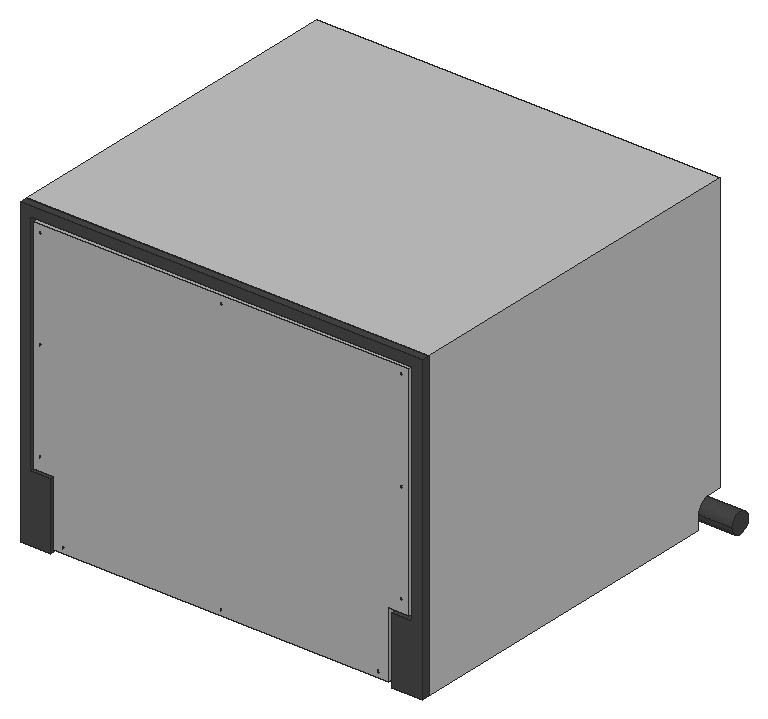
Revit family "FP-Revit20-DD60SHTI9_CN-DishDrawer-0-CN90003899A", category Specialty Equipment, Revit 2020
Family settings
  Round Connector Dimension = Use Diameter
  Part Type = Normal
  OmniClass Number = 23.40.40.14.31
  OmniClass Title = Cleaning and Disposal Equipment
  Work Plane-Based = No
  Always vertical = Yes
  Cut with Voids When Loaded = Yes
  Shared = No
  Room Calculation Point = No
Parameters (values of type "DD60SHTI9_CN")
  Visibility - Handle = no
  Visibility - Door Panel = no
  Visibility - Clearance Required = yes
  URL = "www.fisherpaykel.com"
  Product - Width = 599 mm  # constant formula
  Product - Height = 454 mm  # constant formula
  Product - Depth = 553 mm  # constant formula
  Model = "DD60SHTI9_CN"
  Material - Trim = Fisher & Paykel - Black
  Material - Door Structure = Fisher & Paykel - Aluminium
  Material - Door Front = Fisher & Paykel - Stainless Steel
  Material - Body = Fisher & Paykel - Grey
  Manufacturer = "Fisher & Paykel Appliances"
  FFL Offset [instance] = 406 mm
  Description = "Integrated Single DishDrawer"
  Default Elevation = 0 mm
  Connector Description - Water = "3/4“ BSP (GB20) to suit Flat Washer"
  Connector Description - Sanitary = "Drain Hose, No Fitting Required"
  Connector Description - Electrical = "230 V, 15 A, fused electrical supply"
  Cavity - Width = 600 mm  # constant formula
  Cavity - Height = 456 mm  # constant formula
  Cavity - Depth = 560 mm  # constant formula
Reference planes
  plane 1 "Datum": y = 0
  plane 2: z = 0
  plane 3 "Center (Left/Right)": x = 0
  plane 4: z = 0
  plane 5 "Product LHS": x = -299.5
  plane 6 "Product RHS": x = 299.5
  plane 7 "Product - Depth": y = 553
  plane 8 "Cavity LHS": x = -300
  plane 9 "Cavity RHS": x = 300
  plane 10 "Cavity - Depth": y = 560
  plane 11 "Product Height": z = 860
  plane 12 "Cavity - Height": z = 862
  plane 13 "FFL Offset": z = 406
  plane 14 "Door Front": y = -18
Forms (mm)
  Extrusion 1, solid, material "Fisher & Paykel - Grey" <- "Material - Body"
    sketch origin (0, 0, 0) x (0, 1, 0) y (0, 0, 1)
      loop
        line (12, 860) -> (12, 406) -> (513, 406) -> (513, 426)
        arc (513, 426) -> (518.858, 440.142) -> (533, 446) r 20
        line (533, 446) -> (553, 446) -> (553, 860) -> (12, 860)
    from -299.5 to 299.5
  Extrusion 2, solid, material "Fisher & Paykel - Aluminium" <- "Material - Door Structure", detail levels fine
    sketch origin (0, 0, 0) x (1, 0, 0) y (0, 0, 1)
      loop
        line (-279.5, 840) -> (-279.5, 511) -> (-249.5, 511) -> (-249.5, 412.713) -> (249.5, 412.713) -> (249.5, 511) -> (279.5, 511) -> (279.5, 840) -> (-279.5, 840)
      loop
        circle (-269.5, 680) r 1.502
      loop
        circle (-234.5, 421) r 1.5
      loop
        circle (-269.5, 530) r 1.5
      loop
        circle (-269.5, 830) r 1.5
      loop
        circle (0, 830) r 1.5
      loop
        circle (269.5, 680) r 1.502
      loop
        circle (269.5, 530) r 1.5
      loop
        circle (269.5, 830) r 1.5
      loop
        circle (0, 421) r 1.5
      loop
        circle (234.5, 421) r 1.5
    from -12 to 0
  Sweep 3, solid, material "Fisher & Paykel - Black", detail levels medium+fine
    path origin (0, 539.813, 406) x (1, 0, 0) y (0, 0, 1)
      loop
        line (-119.5, 75) -> (-119.5, 45.438)
        arc (-119.5, 45.438) -> (-125.358, 31.295) -> (-139.5, 25.437) r 20
        line (-139.5, 25.437) -> (-349.5, 25.437)
    profile origin (-119.5, 539.813, 466.219) x (0, -1, 0) y (1, 0, 0)
      loop
        circle (0, 0) r 9
  Extrusion 4, solid, material "Fisher & Paykel - Clearance Required", visible <- "Visibility - Clearance Required", detail levels coarse
    sketch origin (0, 0, 0) x (0, 1, 0) y (0, 0, 1)
      loop
        line (-18, 406) -> (-18, 860) -> (-545, 860) -> (-545, 820.3) -> (-587, 820.3) -> (-587, 804.3) -> (-545, 804.3) -> (-545, 406) -> (-18, 406)
    from -300 to 300
  Extrusion 5, solid, material "Fisher & Paykel - Clearance Required", visible <- "Visibility - Clearance Required", detail levels coarse
    sketch origin (0, 0, 0) x (1, 0, 0) y (0, 1, 0)
      loop
        line (300, 560) -> (-300, 560) -> (-300, 0) -> (300, 0) -> (300, 560)
    from 406 to 862
  Extrusion 6, solid, material "Fisher & Paykel - Black" <- "Material - Trim"
    sketch origin (0, 0, 0) x (1, 0, 0) y (0, 0, 1)
      loop
        line (-299.5, 860) -> (-299.5, 406) -> (-254.5, 406) -> (-254.5, 506) -> (-283.999, 506) -> (-283.999, 845) -> (284, 845) -> (284, 506) -> (254.5, 506) -> (254.5, 406) -> (299.5, 406) -> (299.5, 860) -> (-299.5, 860)
    from -12 to 0
  Sweep 7, solid, material "Fisher & Paykel - Black", detail levels medium+fine
    path origin (0, 0, 0) x (1, 0, 0) y (0, 1, 0)
      loop
        line (199.5, 513) -> (199.5, 514)
        arc (199.5, 514) -> (204.04, 524.96) -> (215, 529.5) r 15.5
        line (215, 529.5) -> (349.5, 529.5)
    profile origin (199.5, 513.5, 0) x (-1, 0, 0) y (0, 0, 1)
      loop
        circle (0, 427) r 15
  Sweep 8, solid, material "Fisher & Paykel - Black", detail levels medium+fine
    path origin (0, 0, 0) x (1, 0, 0) y (0, 1, 0)
      loop
        line (-33.982, 513) -> (-33.982, 516.982)
        arc (-33.982, 516.982) -> (-35.886, 521.579) -> (-40.482, 523.482) r 6.5
        line (-40.482, 523.482) -> (-349.5, 523.482)
    profile origin (-194.991, 523.482, 0) x (0, -1, 0) y (0, 0, 1)
      loop
        circle (0, 417.016) r 4
  Sweep 9, solid, material "Fisher & Paykel - Black", detail levels medium+fine
    path origin (0, 0, 0) x (1, 0, 0) y (0, 1, 0)
      loop
        line (-349.5, 522.999) -> (-215.482, 522.999)
        arc (-215.482, 522.999) -> (-211.239, 521.242) -> (-209.482, 516.999) r 6
        line (-209.482, 516.999) -> (-209.482, 513)
    profile origin (-209.482, 514.999, 0) x (1, 0, 0) y (0, 0, 1)
      loop
        circle (0, 426.938) r 5
  Extrusion 10, solid, material "Fisher & Paykel - Black", detail levels fine
    sketch origin (0, 0, 406) x (1, 0, 0) y (0, 0, 1)
      loop
        line (-27.5, 18) -> (-41.5, 18) -> (-41.5, 4) -> (-27.5, 4) -> (-27.5, 18)
    from -518 to -513
  Extrusion 11, void
    sketch origin (0, 0, 0) x (1, 0, 0) y (0, 1, 0)
      loop
        line (-300, 560) -> (-300, -18) -> (300, -18) -> (300, 560) -> (-300, 560)
    from 406 to 862
  Extrusion 12, solid, material "Fisher & Paykel - Stainless Steel" <- "Material - Door Front", visible <- "Visibility - Door Panel"
    sketch origin (0, 0, 0) x (1, 0, 0) y (0, 1, 0)
      loop
        line (297.5, 0) -> (-297.5, 0) -> (-297.5, -18) -> (297.5, -18) -> (297.5, 0)
    from 408 to 860
  Extrusion 13, void
    sketch origin (0, 0, 0) x (1, 0, 0) y (0, 0, 1)
      loop
        line (-9.5, 511) -> (-229.5, 511) -> (-229.5, 446) -> (-9.5, 446) -> (-9.5, 511)
    from -553 to -550
  Sweep 14, solid, material "Fisher & Paykel - Black", not visible, detail levels medium+fine
    path origin (0, 539.813, 1000) x (1, 0, 0) y (0, 0, 1)
      loop
        line (-119.5, 75) -> (-119.5, 45.438)
        arc (-119.5, 45.438) -> (-125.358, 31.295) -> (-139.5, 25.437) r 20
        line (-139.5, 25.437) -> (-349.5, 25.437)
    profile origin (-119.5, 539.813, 1060.219) x (0, -1, 0) y (1, 0, 0)
      loop
        circle (0, 0) r 9
  Sweep 15, solid, material "Fisher & Paykel - Black", not visible, detail levels medium+fine
    path origin (0, 0, 594) x (1, 0, 0) y (0, 1, 0)
      loop
        line (199.5, 513) -> (199.5, 514)
        arc (199.5, 514) -> (204.04, 524.96) -> (215, 529.5) r 15.5
        line (215, 529.5) -> (349.5, 529.5)
    profile origin (199.5, 513.5, 594) x (-1, 0, 0) y (0, 0, 1)
      loop
        circle (0, 427) r 15
  Sweep 16, solid, material "Fisher & Paykel - Black", not visible, detail levels medium+fine
    path origin (0, 0, 594) x (1, 0, 0) y (0, 1, 0)
      loop
        line (-33.982, 513) -> (-33.982, 516.982)
        arc (-33.982, 516.982) -> (-35.886, 521.579) -> (-40.482, 523.482) r 6.5
        line (-40.482, 523.482) -> (-349.5, 523.482)
    profile origin (-194.991, 523.482, 594) x (0, -1, 0) y (0, 0, 1)
      loop
        circle (0, 417.016) r 4
  Sweep 17, solid, material "Fisher & Paykel - Black", not visible, detail levels medium+fine
    path origin (0, 0, 594) x (1, 0, 0) y (0, 1, 0)
      loop
        line (-349.5, 522.999) -> (-215.482, 522.999)
        arc (-215.482, 522.999) -> (-211.239, 521.242) -> (-209.482, 516.999) r 6
        line (-209.482, 516.999) -> (-209.482, 513)
    profile origin (-209.482, 514.999, 594) x (1, 0, 0) y (0, 0, 1)
      loop
        circle (0, 426.938) r 5
  Extrusion 18, solid, material "Fisher & Paykel - Black", not visible, detail levels fine
    sketch origin (0, 0, 1000) x (1, 0, 0) y (0, 0, 1)
      loop
        line (-27.5, 18) -> (-41.5, 18) -> (-41.5, 4) -> (-27.5, 4) -> (-27.5, 18)
    from -518 to -513
Cuts and joins
  Extrusion 13 cuts Extrusion 2
  Extrusion 13 cuts Extrusion 4
  Extrusion 13 cuts Extrusion 12
  Extrusion 13 cuts Extrusion 1
Lines and regions (mm)
  model lines, style "Fisher & Paykel"
    curve 1: line (-297.5, 0, 860) -> (297.5, 0, 860)
    curve 2: line (-297.5, 0, 408) -> (-297.5, 0, 860)
    curve 3: line (297.5, 0, 408) -> (-297.5, 0, 408)
    curve 4: line (297.5, 0, 860) -> (297.5, 0, 408)
  model lines
    curve 5: line (-297.5, 0, 860) -> (297.5, 0, 860)
    curve 6: line (-297.5, 0, 408) -> (-297.5, 0, 860)
    curve 7: line (297.5, 0, 408) -> (-297.5, 0, 408)
    curve 8: line (297.5, 0, 860) -> (297.5, 0, 408)
  model lines, style "Fisher & Paykel", not visible
    curve 9: line (297.5, 0, 1002) -> (-297.5, 0, 1002)
  model lines, not visible
    curve 10: line (297.5, 0, 1002) -> (-297.5, 0, 1002)
Text (mm)
  text "Due to ongoing product development, product details are subject to change without notice. \nPlease always refer to www.fisherpaykel.com for the most current product information. \n© Fisher & Paykel 2020" at (41.04, -647.69, 0), in view "Ref. Level (Plan)"
Dimensions and locks
  equal spacing: plane 5 "Product LHS", plane 3 "Center (Left/Right)", plane 6 "Product RHS"
  "Product - Width": plane 5 "Product LHS" to plane 6 "Product RHS"
  "Product - Depth": plane 1 "Datum" to plane 7 "Product - Depth"
  equal spacing: plane 8 "Cavity LHS", plane 3 "Center (Left/Right)", plane 9 "Cavity RHS"
  "Cavity - Width": plane 8 "Cavity LHS" to plane 9 "Cavity RHS"
  "Cavity - Depth": plane 10 "Cavity - Depth" to plane 1 "Datum"
  "FFL Offset": plane 13 "FFL Offset" to level
  "Product - Height": plane 11 "Product Height" to plane 13 "FFL Offset"
  "Cavity - Height": plane 13 "FFL Offset" to plane 12 "Cavity - Height"
  locked: plane 11 "Product Height" to nested 1 at 39.7
  locked: plane 13 "FFL Offset" to cut or joined group of Extrusion 12, Extrusion 13 at 2
  locked: Extrusion 2 sketch curve to plane 13 "FFL Offset" at 6.713
  locked: cut or joined group of Extrusion 1, Extrusion 13 to Extrusion 13 sketch curve at 65
  locked: cut or joined group of Extrusion 12, Extrusion 13 to plane 13 "FFL Offset" at 2
  locked: plane 13 "FFL Offset" to Sweep 3 at 75
  locked: Extrusion 1 sketch curve to plane 13 "FFL Offset" at 40
  aligned and locked: level to plane 2
  aligned and locked: Extrusion 5 sketch curve to plane 8 "Cavity LHS"
  aligned and locked: plane 1 "Datum" to Extrusion 5 sketch curve
  aligned and locked: Extrusion 5 sketch curve to plane 9 "Cavity RHS"
  aligned and locked: Extrusion 4 to plane 13 "FFL Offset"
  aligned and locked: cut or joined group of Extrusion 4, Extrusion 13 to Extrusion 5
  aligned and locked: Extrusion 5 to plane 12 "Cavity - Height"
  aligned and locked: Extrusion 5 to Extrusion 1
  aligned and locked: plane 11 "Product Height" to Extrusion 1
  aligned and locked: Extrusion 6 sketch curve to plane 13 "FFL Offset"
  aligned and locked: Extrusion 6 sketch curve to Extrusion 6 sketch curve
  aligned and locked: plane 11 "Product Height" to Extrusion 12
  aligned and locked: cut or joined group of Extrusion 1, Extrusion 13 to Extrusion 13 sketch curve
  aligned and locked: Extrusion 2 sketch curve to Extrusion 2 sketch curve
  aligned and locked: Extrusion 11 to Extrusion 5  (x2)
Automatic sketch dimensions
  Sweep 3 sketch curve to profile plane = 0 mm
  profile plane to Sweep 3 sketch curve = 0 mm
  Sweep 3 sketch curve to Sweep 3 sketch curve = 20 mm
  Sweep 3 sketch curve to Sweep 3 sketch curve = 29.562 mm
  Sweep 7 sketch curve to profile plane = 0 mm
  Sweep 7 sketch curve to Sweep 7 sketch curve = 15.5 mm
  Sweep 7 sketch curve to Sweep 7 sketch curve = 1 mm
  Sweep 8 sketch curve to Sweep 8 sketch curve = 3.982 mm
  Sweep 8 sketch curve to Sweep 8 sketch curve = 6.5 mm
  Sweep 8 sketch curve to profile plane = 0 mm
  Sweep 9 sketch curve to Sweep 9 sketch curve = 6 mm
  Sweep 9 sketch curve to Sweep 9 sketch curve = 3.999 mm
  profile plane to Sweep 9 sketch curve = 0 mm
  Extrusion 10 sketch curve to Extrusion 10 sketch curve = 14 mm  (x2)
  Extrusion 5 sketch curve to plane 10 "Cavity - Depth" = 0 mm
  plane 1 "Datum" to Extrusion 11 sketch curve = 18 mm
  Extrusion 11 sketch curve to plane 8 "Cavity LHS" = 0 mm
  Extrusion 11 sketch curve to plane 9 "Cavity RHS" = 0 mm
  Extrusion 11 sketch curve to plane 10 "Cavity - Depth" = 0 mm
  plane 1 "Datum" to Extrusion 12 sketch curve = 0 mm
  plane 9 "Cavity RHS" to Extrusion 12 sketch curve = 597.5 mm
  plane 1 "Datum" to Extrusion 12 sketch curve = 18 mm
  Extrusion 12 sketch curve to Extrusion 12 sketch curve = 595 mm
  Extrusion 4 sketch curve to plane 11 "Product Height" = 0 mm
  level to Extrusion 4 sketch curve = 406 mm
  plane 1 "Datum" to Extrusion 4 sketch curve = 587 mm
  Extrusion 4 sketch curve to Extrusion 4 sketch curve = 42 mm  (x2)
  plane 1 "Datum" to Extrusion 4 sketch curve = 18 mm
  Extrusion 4 sketch curve to Extrusion 4 sketch curve = 16 mm
  Extrusion 4 sketch curve to Extrusion 4 sketch curve = 55.7 mm
  plane 11 "Product Height" to Extrusion 1 sketch curve = 0 mm
  Extrusion 1 sketch curve to plane 7 "Product - Depth" = 0 mm
  Extrusion 1 sketch curve to Extrusion 1 sketch curve = 20 mm  (x2)
  Extrusion 1 sketch curve to plane 1 "Datum" = 12 mm
  curve 6 to plane 11 "Product Height" = 0 mm
  curve 1 to plane 5 "Product LHS" = 2 mm
  plane 6 "Product RHS" to curve 5 = 2 mm
  Extrusion 1 sketch curve to plane 13 "FFL Offset" = 0 mm
  plane 5 "Product LHS" to Extrusion 6 sketch curve = 0 mm
  plane 6 "Product RHS" to Extrusion 6 sketch curve = 0 mm
  Extrusion 6 sketch curve to plane 5 "Product LHS" = 15.501 mm
  Extrusion 6 sketch curve to Extrusion 6 sketch curve = 29.499 mm
  plane 6 "Product RHS" to Extrusion 6 sketch curve = 45 mm
  plane 6 "Product RHS" to Extrusion 6 sketch curve = 15.5 mm
  plane 13 "FFL Offset" to Extrusion 6 sketch curve = 100 mm  (x2)
  Extrusion 6 sketch curve to plane 11 "Product Height" = 15 mm
  plane 11 "Product Height" to Extrusion 6 sketch curve = 0 mm
  Extrusion 13 sketch curve to plane 5 "Product LHS" = 70 mm
  Extrusion 13 sketch curve to plane 3 "Center (Left/Right)" = 9.5 mm
  plane 13 "FFL Offset" to curve 6 = 2 mm
  plane 13 "FFL Offset" to curve 4 = 2 mm
  Sweep 3 sketch curve to Sweep 3 sketch curve = 210 mm
  Sweep 7 sketch curve to Sweep 7 sketch curve = 134.5 mm
  profile plane to Sweep 7 sketch curve = 427 mm
  Sweep 8 sketch curve to Sweep 8 sketch curve = 309.018 mm
  profile plane to Sweep 8 sketch curve = 417.016 mm
  Sweep 9 sketch curve to Sweep 9 sketch curve = 134.018 mm
  profile plane to Sweep 9 sketch curve = 426.938 mm
  Sweep 14 sketch curve to profile plane = 0 mm
  profile plane to Sweep 14 sketch curve = 0 mm
  Sweep 14 sketch curve to Sweep 14 sketch curve = 20 mm
  Sweep 14 sketch curve to Sweep 14 sketch curve = 29.562 mm
  Sweep 15 sketch curve to profile plane = 0 mm
  Sweep 15 sketch curve to Sweep 15 sketch curve = 15.5 mm
  Sweep 15 sketch curve to Sweep 15 sketch curve = 1 mm
  Sweep 16 sketch curve to Sweep 16 sketch curve = 3.982 mm
  Sweep 16 sketch curve to Sweep 16 sketch curve = 6.5 mm
  Sweep 16 sketch curve to profile plane = 0 mm
  Sweep 17 sketch curve to Sweep 17 sketch curve = 6 mm
  Sweep 17 sketch curve to Sweep 17 sketch curve = 3.999 mm
  profile plane to Sweep 17 sketch curve = 0 mm
  Extrusion 18 sketch curve to Extrusion 18 sketch curve = 14 mm  (x2)
  Sweep 14 sketch curve to Sweep 14 sketch curve = 210 mm
  Sweep 15 sketch curve to Sweep 15 sketch curve = 134.5 mm
  profile plane to Sweep 15 sketch curve = 427 mm
  Sweep 16 sketch curve to Sweep 16 sketch curve = 309.018 mm
  profile plane to Sweep 16 sketch curve = 417.016 mm
  Sweep 17 sketch curve to Sweep 17 sketch curve = 134.018 mm
  profile plane to Sweep 17 sketch curve = 426.938 mm
  Extrusion 2 sketch curve to plane 3 "Center (Left/Right)" = 0 mm  (x2)
  plane 13 "FFL Offset" to Extrusion 2 sketch curve = 15 mm  (x3)
  Extrusion 2 sketch curve to plane 5 "Product LHS" = 65 mm
  Extrusion 2 sketch curve to Extrusion 2 sketch curve = 15 mm
  Extrusion 2 sketch curve to plane 5 "Product LHS" = 30 mm  (x2)
  Extrusion 2 sketch curve to Extrusion 2 sketch curve = 20 mm  (x2)
  Extrusion 2 sketch curve to plane 5 "Product LHS" = 20 mm
  plane 6 "Product RHS" to Extrusion 2 sketch curve = 65 mm
  plane 6 "Product RHS" to Extrusion 2 sketch curve = 50 mm
  plane 6 "Product RHS" to Extrusion 2 sketch curve = 30 mm  (x2)
  Extrusion 2 sketch curve to Extrusion 2 sketch curve = 10 mm  (x2)
  Extrusion 2 sketch curve to Extrusion 2 sketch curve = 90 mm
  Extrusion 2 sketch curve to Extrusion 2 sketch curve = 19 mm  (x2)
  Extrusion 2 sketch curve to Extrusion 2 sketch curve = 150 mm  (x2)
  Extrusion 2 sketch curve to plane 11 "Product Height" = 30 mm  (x3)
  radius of Sweep 3 sketch curve = 9 mm
  radius of Sweep 7 sketch curve = 15 mm
  radius of Sweep 8 sketch curve = 4 mm
  radius of Sweep 9 sketch curve = 5 mm
  radius of Sweep 14 sketch curve = 9 mm
  radius of Sweep 15 sketch curve = 15 mm
  radius of Sweep 16 sketch curve = 4 mm
  radius of Sweep 17 sketch curve = 5 mm
  radius of Extrusion 2 sketch curve = 1.502 mm  (x2)
  radius of Extrusion 2 sketch curve = 1.5 mm  (x8)
Nested families
  nested 1: "F&P Handle Contemporary Square - Horizontal" at (0, -18, 812.322), visible <- "Visibility - Handle", type "565mm"
Connectors
  piping at (-349.5, 539.813, 431.437), diameter 15.9, driven by "Connector Description - Sanitary"
    settings: on Sweep 3, index 4, connector inside diameter 609.6 mm, connector length 0 mm, flow factor 0, pipe flow 0.0 L/s, pressure drop 0.0 Pa, fitting loss kfactor 0, connector angle 0.00°, fixture units 0, engagement length 0 mm, angle of deflection 0.00°, flow configuration 0, flow direction 2, fitting loss method 0, system type 16, joint type 0, gender type 0, connector reference index -1, connector utility 0, adjustable connector no, is connector primary yes, connector description "Drain Hose, No Fitting Required"
  piping at (349.5, 529.5, 427), diameter 30
    settings: on Sweep 7, index 5, connector inside diameter 609.6 mm, connector length 0 mm, flow factor 0, pipe flow 0.0 L/s, pressure drop 0.0 Pa, fitting loss kfactor 0, connector angle 0.00°, fixture units 0, engagement length 0 mm, angle of deflection 0.00°, flow configuration 0, flow direction 2, fitting loss method 0, system type 17, joint type 0, gender type 0, connector reference index -1, connector utility 0, adjustable connector no, is connector primary no, connector description "Vent hose for Fan Assisted Drying"
  piping at (-349.5, 522.999, 426.938), diameter 10, driven by "Connector Description - Water"
    settings: on Sweep 9, index 6, connector inside diameter 609.6 mm, connector length 0 mm, flow factor 0, pipe flow 0.0 L/s, pressure drop 0.0 Pa, fitting loss kfactor 0, connector angle 0.00°, fixture units 0, engagement length 0 mm, angle of deflection 0.00°, flow configuration 0, flow direction 1, fitting loss method 0, system type 20, joint type 0, gender type 0, connector reference index -1, connector utility 0, adjustable connector no, is connector primary no, connector description "3/4“ BSP (GB20) to suit Flat Washer"
  electrical at (-349.5, 523.482, 417.016), driven by "Connector Description - Electrical"
    settings: on Sweep 8, index 7, voltage 230 V, apparent load 0 VA, apparent load phase1 0 VA, apparent load phase2 0 VA, apparent load phase3 0 VA, power factor 1, load classification "Other", number of poles 1, system type 30, power factor state 1, is connector primary yes, connector utility no, sub classification motor no, connector description "230 V, 15 A, fused electrical supply"
Definition of nested family "F&P Handle Contemporary Square - Horizontal"
  Parameters (values of type "565mm")
    URL = "www.fisherpaykel.com"
    Material - Handle = none
    Manufacturer = "Fisher & Paykel Appliances"
    Handle - Standoff = 100 mm
    Handle - Length = 565 mm
    Default Elevation = 0 mm
  Reference planes
    plane 1 "Center (Front/Back)": y = 0
    plane 2: z = 0
    plane 3 "Center (Left/Right)": x = 0
    plane 4 "Product LHS": x = -282.5
    plane 5 "Product RHS": x = 282.5
    plane 6 "LHS Standoff": x = -182.5
    plane 7 "RHS Standoff": x = 182.5
  Forms (mm)
    Extrusion 1, solid, material <- "Material - Handle", detail levels fine
      sketch origin (0, 0, 0) x (0, 1, 0) y (0, 0, 1)
        loop
          arc (-27.701, 7.561) -> (-28.057, 7.868) -> (-28.514, 7.978) r 1
          line (-28.514, 7.978) -> (-39.5, 7.978)
          arc (-39.5, 7.978) -> (-40.561, 7.539) -> (-41, 6.478) r 1.5
          line (-41, 6.478) -> (-41, -6.522)
          arc (-41, -6.522) -> (-40.561, -7.583) -> (-39.5, -8.022) r 1.5
          line (-39.5, -8.022) -> (-28.487, -8.022)
          arc (-28.487, -8.022) -> (-28.029, -7.911) -> (-27.673, -7.602) r 1
          arc (-27.673, -7.602) -> (-25.256, -0.016) -> (-27.701, 7.561) r 13.038
      from -282.5 to 282.5
    Extrusion 2, solid, material <- "Material - Handle", detail levels fine
      sketch origin (0, 0, 0) x (0, 1, 0) y (0, 0, 1)
        loop
          arc (-27.23, 7.062) -> (-25.156, 0.008) -> (-27.198, -7.056) r 13.136
          arc (-27.198, -7.056) -> (-27.21, -7.463) -> (-26.86, -7.67) r 0.4
          line (-26.86, -7.67) -> (0, -7.67) -> (0, 7.678) -> (-26.893, 7.678)
          arc (-26.893, 7.678) -> (-27.244, 7.47) -> (-27.23, 7.062) r 0.4
      from 182.5 to 282.5
    Extrusion 3, solid, material <- "Material - Handle", detail levels fine
      sketch origin (0, 0, 0) x (0, 1, 0) y (0, 0, -1)
        loop
          arc (-27.23, -7.062) -> (-27.244, -7.47) -> (-26.893, -7.678) r 0.4
          line (-26.893, -7.678) -> (0, -7.678) -> (0, 7.67) -> (-26.86, 7.67)
          arc (-26.86, 7.67) -> (-27.21, 7.463) -> (-27.198, 7.056) r 0.4
          arc (-27.198, 7.056) -> (-25.156, -0.008) -> (-27.23, -7.062) r 13.136
      from 182.5 to 282.5
    Sweep 4, void
      path in 3D
        loop
          line (282.5, -28.514, 7.978) -> (282.5, -39.5, 7.978)
          arc (282.5, -39.5, 7.978) -> (282.5, -40.561, 7.539) -> (282.5, -41, 6.478) r 1.5
          line (282.5, -41, 6.478) -> (282.5, -41, -6.522)
          arc (282.5, -41, -6.522) -> (282.5, -40.561, -7.583) -> (282.5, -39.5, -8.022) r 1.5
          line (282.5, -39.5, -8.022) -> (282.5, -28.487, -8.022)
      profile origin (282.5, -34.007, 7.978) x (1, 0, 0) y (0, 0, 1)
        loop
          line (0, 0) -> (-1.3, 0) -> (0, -1.3) -> (0, 0)
    Sweep 5, void
      path in 3D
        loop
          line (-282.5, -28.487, -8.022) -> (-282.5, -39.5, -8.022)
          arc (-282.5, -39.5, -8.022) -> (-282.5, -40.561, -7.583) -> (-282.5, -41, -6.522) r 1.5
          line (-282.5, -41, -6.522) -> (-282.5, -41, 6.478)
          arc (-282.5, -41, 6.478) -> (-282.5, -40.561, 7.539) -> (-282.5, -39.5, 7.978) r 1.5
          line (-282.5, -39.5, 7.978) -> (-282.5, -28.514, 7.978)
      profile origin (-282.5, -34.007, 7.978) x (-1, 0, 0) y (0, 0, 1)
        loop
          line (0, 0) -> (-1.3, 0) -> (0, -1.3) -> (0, 0)
    Extrusion 6, void
      sketch origin (0, 0, 0) x (1, 0, 0) y (0, 0, 1)
        loop
          line (282.5, 7.978) -> (281.2, 7.978) -> (282.5, 6.678) -> (282.5, 7.978)
        loop
          line (282.5, -8.022) -> (282.5, -6.722) -> (281.2, -8.022) -> (282.5, -8.022)
      from 0 to 28.514
    Extrusion 7, void
      sketch origin (0, 0, 0) x (1, 0, 0) y (0, 0, 1)
        loop
          line (-282.5, 7.978) -> (-282.5, 6.678) -> (-281.2, 7.978) -> (-282.5, 7.978)
        loop
          line (-282.5, -8.022) -> (-281.2, -8.022) -> (-282.5, -6.722) -> (-282.5, -8.022)
      from 0 to 28.487
    Extrusion 8, solid, material <- "Material - Handle", detail levels coarse+medium
      sketch origin (0, 0, 0) x (1, 0, 0) y (0, 1, 0)
        loop
          line (-282.5, -41) -> (282.5, -41) -> (282.5, 0) -> (182.5, 0) -> (182.5, -26.156) -> (-182.5, -26.156) -> (-182.5, 0) -> (-282.5, 0) -> (-282.5, -41)
      from -8.022 to 7.978
  Cuts and joins
    Sweep 4, Sweep 5, Extrusion 6, Extrusion 7 cuts Extrusion 1
    Extrusion 6 cuts Extrusion 2
    Extrusion 7 cuts Extrusion 3
  Lines and regions (mm)
    sketch lines
      curve 1: line (282.5, -28.514, 7.978) -> (282.5, -39.5, 7.978)
      curve 2: arc (282.5, -41, 6.478) -> (282.5, -40.561, 7.539) -> (282.5, -39.5, 7.978) r 1.5
      curve 3: line (282.5, -41, 6.478) -> (282.5, -41, -6.522)
      curve 4: arc (282.5, -39.5, -8.022) -> (282.5, -40.561, -7.583) -> (282.5, -41, -6.522) r 1.5
      curve 5: line (282.5, -39.5, -8.022) -> (282.5, -28.487, -8.022)
      curve 6: line (-282.5, -39.5, 7.978) -> (-282.5, -28.514, 7.978)
      curve 7: arc (-282.5, -39.5, 7.978) -> (-282.5, -40.561, 7.539) -> (-282.5, -41, 6.478) r 1.5
      curve 8: line (-282.5, -41, -6.522) -> (-282.5, -41, 6.478)
      curve 9: arc (-282.5, -41, -6.522) -> (-282.5, -40.561, -7.583) -> (-282.5, -39.5, -8.022) r 1.5
      curve 10: line (-282.5, -28.487, -8.022) -> (-282.5, -39.5, -8.022)
  Dimensions and locks
    equal spacing: plane 4 "Product LHS", plane 3 "Center (Left/Right)", plane 5 "Product RHS"
    "Handle - Length": plane 4 "Product LHS" to plane 5 "Product RHS"
    "Handle - Standoff": plane 4 "Product LHS" to plane 6 "LHS Standoff"
    "Handle - Standoff": plane 7 "RHS Standoff" to plane 5 "Product RHS"
    Extrusion 8 to plane 1 "Center (Front/Back)" = 41 mm
    aligned and locked: level to plane 2
    aligned and locked: Extrusion 1 to plane 5 "Product RHS"
    aligned and locked: plane 4 "Product LHS" to Extrusion 1
    aligned and locked: Extrusion 2 to plane 5 "Product RHS"
    aligned and locked: plane 4 "Product LHS" to Extrusion 3
    aligned and locked: plane 4 "Product LHS" to Extrusion 8 sketch curve
    aligned and locked: Extrusion 8 sketch curve to plane 5 "Product RHS"
    aligned and locked: Extrusion 8 sketch curve to plane 7 "RHS Standoff"
    aligned and locked: plane 6 "LHS Standoff" to Extrusion 8 sketch curve
    aligned and locked: Extrusion 2 to plane 7 "RHS Standoff"
    aligned and locked: plane 6 "LHS Standoff" to Extrusion 3
  Automatic sketch dimensions
    Extrusion 1 sketch curve to level = 6.522 mm
    plane 1 "Center (Front/Back)" to Extrusion 1 sketch curve = 41 mm
    Extrusion 1 sketch curve to Extrusion 1 sketch curve = 1.5 mm  (x2)
    Extrusion 1 sketch curve to level = 0.04 mm
    Extrusion 1 sketch curve to Extrusion 1 sketch curve = 1.206 mm
    level to Extrusion 1 sketch curve = 6.978 mm
    Extrusion 1 sketch curve to Extrusion 1 sketch curve = 10.986 mm
    Extrusion 1 sketch curve to Extrusion 1 sketch curve = 11.013 mm
    Extrusion 1 sketch curve to Extrusion 1 sketch curve = 1 mm
    level to Extrusion 1 sketch curve = 6.478 mm
    Extrusion 1 sketch curve to Extrusion 1 sketch curve = 0 mm
    Extrusion 2 sketch curve to plane 1 "Center (Front/Back)" = 0 mm
    Extrusion 2 sketch curve to level = 7.67 mm
    Extrusion 2 sketch curve to Extrusion 2 sketch curve = 26.86 mm
    level to Extrusion 2 sketch curve = 7.678 mm
    Extrusion 2 sketch curve to Extrusion 2 sketch curve = 0.033 mm
    Extrusion 2 sketch curve to level = 0.022 mm
    Extrusion 2 sketch curve to Extrusion 2 sketch curve = 11.398 mm
    Extrusion 2 sketch curve to Extrusion 2 sketch curve = 0.4 mm  (x2)
    Extrusion 2 sketch curve to Extrusion 2 sketch curve = 0 mm
    Extrusion 3 sketch curve to plane 1 "Center (Front/Back)" = 0 mm
    Extrusion 3 sketch curve to level = 7.67 mm
    Extrusion 3 sketch curve to Extrusion 3 sketch curve = 26.86 mm
    level to Extrusion 3 sketch curve = 7.678 mm
    Extrusion 3 sketch curve to Extrusion 3 sketch curve = 0.033 mm
    Extrusion 3 sketch curve to level = 0.022 mm
    Extrusion 3 sketch curve to Extrusion 3 sketch curve = 11.398 mm
    Extrusion 3 sketch curve to Extrusion 3 sketch curve = 0.4 mm  (x2)
    Extrusion 3 sketch curve to Extrusion 3 sketch curve = 0 mm
    profile plane to Sweep 4 sketch curve = 0 mm
    Sweep 4 sketch curve to profile plane = 0 mm
    Sweep 4 sketch curve to profile plane = 1.3 mm
    profile plane to Sweep 4 sketch curve = 1.3 mm
    Sweep 5 sketch curve to profile plane = 0 mm  (x2)
    profile plane to Sweep 5 sketch curve = 1.3 mm
    Sweep 5 sketch curve to profile plane = 1.3 mm
    plane 5 "Product RHS" to Extrusion 6 sketch curve = 0 mm  (x2)
    Extrusion 6 sketch curve to Extrusion 6 sketch curve = 1.3 mm  (x4)
    Extrusion 6 sketch curve to level = 6.722 mm
    level to Extrusion 6 sketch curve = 6.678 mm
    plane 4 "Product LHS" to Extrusion 7 sketch curve = 0 mm  (x2)
    Extrusion 7 sketch curve to plane 4 "Product LHS" = 1.3 mm  (x2)
    Extrusion 7 sketch curve to level = 8.022 mm
    level to Extrusion 7 sketch curve = 6.678 mm
    Extrusion 7 sketch curve to Extrusion 7 sketch curve = 1.3 mm  (x2)
    plane 1 "Center (Front/Back)" to Extrusion 8 sketch curve = 0 mm  (x2)
    Extrusion 8 sketch curve to Extrusion 8 sketch curve = 26.156 mm
    Extrusion 8 sketch curve to Extrusion 8 sketch curve = 41 mm
